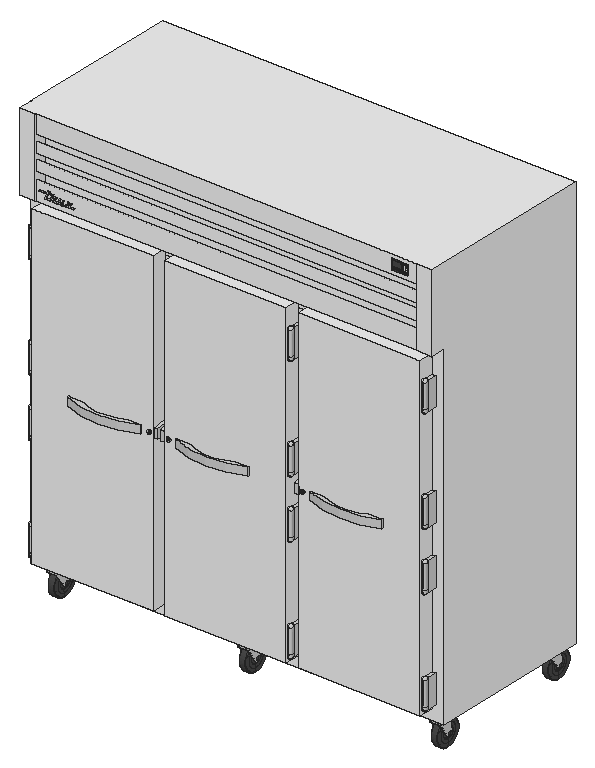
Revit family (continued)
Automatic sketch dimensions
  plane 1 "BACK" to curve 1 = 0.4208"
  plane 3 "LEFT" to curve 1 = 3.82597"
  plane 3 "LEFT" to curve 9 = 3.82597"
  plane 5 "FRONT" to curve 37 = 0.2"
  curve 19 to curve 37 = 4.74604"
  plane 5 "FRONT" to curve 38 = 0"  (x2)
  curve 37 to curve 38 = 2.4"
  curve 38 to curve 36 = 0"
  plane 5 "FRONT" to curve 39 = 0"
  curve 38 to curve 39 = 2.4"
  curve 36 to curve 19 = 1.54548"
  curve 39 to curve 20 = 4.62271"
  curve 20 to curve 18 = 2 1/32"
  curve 19 to curve 17 = 8.18571"
  plane 5 "FRONT" to curve 41 = 0.2"
  curve 18 to curve 41 = 4.90396"
  plane 5 "FRONT" to curve 42 = 0"  (x2)
  curve 41 to curve 42 = 2.4"
  curve 33 to plane 9 = 2.55528"
  curve 29 to plane 9 = 2.55528"
  curve 31 to plane 9 = 1.25624"
  curve 34 to plane 9 = 1.25624"
  plane 9 to curve 32 = 0.06972"
  plane 9 to curve 28 = 0.06972"
  plane 9 to curve 42 = 0.07896"
  plane 9 to curve 40 = 0.07896"
  plane 5 "FRONT" to curve 43 = 0"
  curve 42 to curve 43 = 2.4"
  curve 43 to curve 17 = 4.46479"
  curve 18 to curve 17 = 0"
  curve 17 to curve 27 = 2 5/16"
  curve 27 to curve 26 = 3.07723"
  plane 5 "FRONT" to curve 45 = 0.2"
  curve 27 to curve 45 = 4.65396"
  plane 5 "FRONT" to curve 46 = 0"  (x2)
  curve 45 to curve 46 = 2.4"
  curve 44 to plane 4 "RIGHT" = 13.76479"
  curve 46 to curve 44 = 0"
  plane 5 "FRONT" to curve 47 = 0.2"
  curve 6 to plane 4 "RIGHT" = 5.24278"
  curve 47 to curve 14 = 1.72201"
  curve 6 to curve 7 = 1.29904"
  curve 14 to curve 15 = 1.29904"
  plane 1 "BACK" to curve 5 = 0.4208"
  curve 5 to plane 4 "RIGHT" = 2.61778"
  curve 14 to plane 4 "RIGHT" = 2.61778"
  curve 26 to curve 27 = 0"
  curve 19 to curve 17 = 0"
  plane 5 "FRONT" to curve 41 = 0"
  plane 5 "FRONT" to curve 37 = 0"
  plane 5 "FRONT" to curve 47 = 0"
  plane 5 "FRONT" to curve 45 = 0"
  curve 25 to plane 5 "FRONT" = 2 1/4"
  curve 15 to plane 5 "FRONT" = 3.92849"
  curve 34 to plane 5 "FRONT" = 3.92849"
  curve 25 to curve 12 = 1.78257"
  curve 15 to curve 15 = 3/4"
  curve 34 to curve 34 = 3/4"
  curve 11 to curve 11 = 3/4"
  curve 42 to curve 32 = 1.44614"
  curve 38 to plane 5 "FRONT" = 7.77899"
  curve 46 to plane 5 "FRONT" = 7.77899"
  curve 38 to curve 36 = 7.30945"
  curve 32 to curve 40 = 5.86332"
  curve 46 to curve 44 = 7.30945"
  curve 3 to curve 1 = 5.29663"
  curve 7 to curve 5 = 5.29663"
  plane 1 "BACK" to curve 30 = 5.71743"
  curve 30 to curve 30 = 3/4"
  curve 20 to curve 19 = 0"
  curve 27 to plane 4 "RIGHT" = 2 1/4"
  radius of Extrusion 70 sketch curve = 0.35"  (x2)
  radius of Extrusion 75 sketch curve = 0.35"
  radius of Extrusion 83 sketch curve = 1 1/2"
  radius of Extrusion 87 sketch curve = 1 1/2"
  radius of Extrusion 6 sketch curve = 1/4"
  radius of Extrusion 19 sketch curve = 1 1/2"
  radius of Extrusion 20 sketch curve = 1 1/2"
  radius of Extrusion 55 sketch curve = 1 1/2"
  radius of Extrusion 56 sketch curve = 1 1/2"
Connectors (in)
  electrical at (74.65625, -0.0625, 82), driven by "Volts", driven by "Watts"
    settings: on Extrusion 6, index 1, voltage 208 V, apparent load 1726.4 VA, apparent load phase1 0 VA, apparent load phase2 0 VA, apparent load phase3 0 VA, power factor 1, load classification "Other", number of poles 1, system type 30, power factor state 1, is connector primary yes, connector utility no, sub classification motor no, connector description "Electrical Connection"
